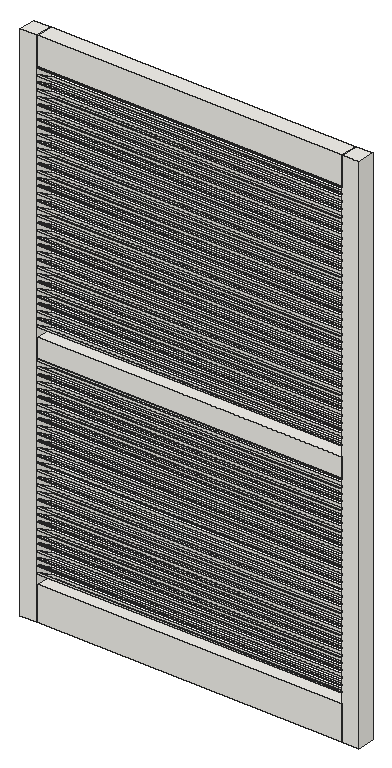
Revit family "Royal Corinthian_EXTERIOR BAHAMA SHUTTERS", category Casework, Revit 2022
Family settings
  OmniClass Number = 23.40.35.00
  OmniClass Title = Casework
  Work Plane-Based = No
  Always vertical = Yes
  Cut with Voids When Loaded = No
  Shared = No
  Room Calculation Point = No
Parameters
  URL = "https://royalcorinthian.com/architectural-exterior-shutters/"
  Type Comments = "SHUTTERS"  # constant formula
  TOP RAIL HEIGHT = 3 1/4"
  SIDE RAIL WIDTH = 2"
  Model = "EXTERIOR BAHAMA SHUTTERS"  # constant formula
  Manufacturer = "Royal Corinthian"  # constant formula
  MATERIAL = PVC - White
  Description = "COMPOSITE EXTERIOR BAHAMA SHUTTERS"
  Depth = 2"
  Height = 62"
  Width = 40"
  Default Elevation = 0"
  CENTER RAIL LOCATION = 29"
  CENTER RAIL HEIGHT = 2 1/4"
  Bracket Height = 11 1/2"
  BOTTOM RAIL HEIGHT = 4"
Reference planes (in)
  plane 1: z = 0
  plane 2 "Center (Left/Right)": x = 1.75986
  plane 3 "Top": z = 62
  plane 4: y = -10.47093
  plane 5: y = -9.47093
  plane 6: y = -11.47093
  plane 7: x = -18.24014
  plane 8: x = 21.75986
  plane 9: x = -16.24014
  plane 10: x = 19.75986
  plane 11: z = 29
  plane 12: z = 4
  plane 13: z = 58.75
  plane 14: z = 27.875
  plane 15: z = 30.125
Dimensions and locks (in)
  "Height": level to plane 3 "Top"
  equal spacing: plane 5, plane 4, plane 6
  "Depth": plane 5 to plane 6
  "Width": plane 7 to plane 8
  equal spacing: plane 7, plane 2 "Center (Left/Right)", plane 8
  "SIDE RAIL WIDTH": plane 7 to plane 9
  "SIDE RAIL WIDTH": plane 10 to plane 8
  "CENTER RAIL LOCATION": plane 11 to plane 1
  locked: plane 12 to plane 1 at 4
  locked: plane 3 "Top" to plane 13 at 3.25
  equal spacing: plane 15, plane 11, plane 14, locked at 1.125 each
  "CENTER RAIL HEIGHT": plane 15 to plane 14
  aligned and locked: level to plane 1
  aligned and locked: plane 7 to nested 1
  aligned and locked: nested 2 to plane 8
  aligned and locked: nested 1 to plane 7
  aligned and locked: plane 4 to nested 3
  aligned and locked: nested 3 to plane 9
  aligned and locked: nested 3 to plane 11
  aligned and locked: nested 4 to plane 3 "Top"
  aligned and locked: nested 5 to plane 1
  aligned and locked: plane 10 to nested 5
  aligned and locked: plane 10 to nested 4
  aligned and locked: plane 10 to nested 3
  aligned and locked: plane 13 to nested 6
  aligned and locked: plane 14 to nested 7
  aligned and locked: nested 7 to plane 12
  aligned and locked: plane 10 to nested 7
  aligned and locked: nested 7 to plane 9
  aligned and locked: nested 6 to plane 15
  aligned and locked: plane 10 to nested 6
  aligned and locked: nested 6 to plane 9
Nested families (in)
  nested 1: "SIDES-HEADS" at (-19, 0.37117, 0), DEPTH <- "Depth", Height <- "Height", WIDTH <- "SIDE RAIL WIDTH", MATERIAL <- "MATERIAL", type "SIDES-HEADS 3"
    with WIDTH 2", MATERIAL PVC - White, Height 62", DEPTH 2"
  nested 2: "SIDES-HEADS" at (19, 0.37117, 0), DEPTH <- "Depth", Height <- "Height", WIDTH <- "SIDE RAIL WIDTH", MATERIAL <- "MATERIAL", type "SIDES-HEADS 3"
    with WIDTH 2", MATERIAL PVC - White, Height 62", DEPTH 2"
  nested 3: "SIDES-HEADS" at (-16.24014, 0.37117, 30.75986) x (0, 0, -1) z (1, 0, 0), DEPTH <- "Depth", WIDTH <- "CENTER RAIL HEIGHT", MATERIAL <- "MATERIAL", type "SIDES-HEADS 3"
    with WIDTH 2 1/4", MATERIAL PVC - White, Height 36", DEPTH 2"
  nested 4: "SIDES-HEADS" at (-16.24014, 0.37117, 62.13486) x (0, 0, -1) z (1, 0, 0), DEPTH <- "Depth", WIDTH <- "TOP RAIL HEIGHT", MATERIAL <- "MATERIAL", type "SIDES-HEADS 3"
    with WIDTH 3 1/4", MATERIAL PVC - White, Height 36", DEPTH 2"
  nested 5: "SIDES-HEADS" at (-16.24014, 0.37117, 3.75986) x (0, 0, -1) z (1, 0, 0), DEPTH <- "Depth", WIDTH <- "BOTTOM RAIL HEIGHT", MATERIAL <- "MATERIAL", type "SIDES-HEADS 3"
    with WIDTH 4", MATERIAL PVC - White, Height 36", DEPTH 2"
  nested 6: "shutter_parametric" at (1.75986, -10.47093, 53.74705), MATERIAL <- "MATERIAL", type "shutter_parametric"
    with w 36", n 36, h 28 5/8", MATERIAL PVC - White
  nested 7: "shutter_parametric" at (1.75986, -10.47093, 25.24705), MATERIAL <- "MATERIAL", type "shutter_parametric"
    with w 36", n 30, h 23 7/8", MATERIAL PVC - White
Definition of nested family "SIDES-HEADS"
  Parameters (values of type "SIDES-HEADS")
    WIDTH [instance] = 13.1305"
    MATERIAL [instance] = none
    Depth = 2"  # constant formula
    Height [instance] = 66.14173"
    Width = 0.07874"
    Default Elevation = 48"
    DEPTH [instance] = 0.57029"
  Types (4): name | WIDTH | Height | Width | DEPTH
    SIDES-HEADS | 13.1305" | 66.14173" | 0.07874" | 0.57029"
    SIDES-HEADS 4 | 12.92126" | 4" | 3.93701" | 7.30373"
    SIDES-HEADS 3 | 12.92126" | 4" | 2.53937" | 7.30373"
    SIDES-HEADS 2 | 12.92126" | 4" | 12.92126" | 7.30373"
  Reference planes (in)
    plane 1: z = 0
    plane 2 "Center (Left/Right)": x = 1.75986
    plane 3: z = 4
    plane 4: y = -10.84209
    plane 5: x = -4.70077
    plane 6: x = 8.22049
    plane 7: y = -14.49396
    plane 8: y = -7.19023
  Forms (in)
    Extrusion 1, solid, material <- "MATERIAL"
      sketch origin (0, 0, 0) x (1, 0, 0) y (0, 1, 0)
        loop
          line (-4.70077, -14.49396) -> (8.22049, -14.49396) -> (8.22049, -7.19023) -> (-4.70077, -7.19023) -> (-4.70077, -14.49396)
      from 0 to 4
  Lines and regions (in)
    model lines, not visible
      curve 1: line (7.18925, 143.95917, 0) -> (7.18925, 143.15137, 0)
      curve 2: line (7.18925, 143.15137, 0) -> (-5.31665, 143.15137, 0)
      curve 3: line (-5.31665, 143.15137, 0) -> (-5.31665, 143.95917, 0)
      curve 4: line (-4.92295, 31.95917, 0) -> (-4.92295, 44.07613, 0)
      curve 5: line (-4.92295, 44.07613, 0) -> (-4.3324, 44.68198, 0)
      curve 6: line (6.89398, 143.15137, 0) -> (6.88503, 143.05512, 0)
      curve 7: line (6.88503, 143.05512, 0) -> (6.86552, 142.96052, 0)
      curve 8: line (6.86552, 142.96052, 0) -> (6.8357, 142.8688, 0)
      curve 9: line (6.8357, 142.8688, 0) -> (6.79596, 142.78112, 0)
      curve 10: line (6.79596, 142.78112, 0) -> (6.7468, 142.69863, 0)
      curve 11: line (6.7468, 142.69863, 0) -> (6.68885, 142.62237, 0)
      curve 12: line (6.68885, 142.62237, 0) -> (6.62287, 142.55333, 0)
      curve 13: line (6.62287, 142.55333, 0) -> (6.54969, 142.49239, 0)
      curve 14: line (6.54969, 142.49239, 0) -> (6.47027, 142.44034, 0)
      curve 15: line (6.47027, 142.44034, 0) -> (6.38561, 142.39784, 0)
      curve 16: line (6.38561, 142.39784, 0) -> (6.29681, 142.36545, 0)
      curve 17: line (6.29681, 142.36545, 0) -> (6.205, 142.34357, 0)
      curve 18: line (6.205, 142.34357, 0) -> (-4.3324, 142.34357, 0)
      curve 19: line (-4.3324, 142.34357, 0) -> (-4.4242, 142.36545, 0)
      curve 20: line (-4.4242, 142.36545, 0) -> (-4.51301, 142.39784, 0)
      curve 21: line (-4.51301, 142.39784, 0) -> (-4.59766, 142.44034, 0)
      curve 22: line (-4.59766, 142.44034, 0) -> (-4.67709, 142.49239, 0)
      curve 23: line (-4.67709, 142.49239, 0) -> (-4.75027, 142.55333, 0)
      curve 24: line (-4.75027, 142.55333, 0) -> (-4.81625, 142.62237, 0)
      curve 25: line (-4.81625, 142.62237, 0) -> (-4.87419, 142.69863, 0)
      curve 26: line (-4.87419, 142.69863, 0) -> (-4.92335, 142.78112, 0)
      curve 27: line (-4.92335, 142.78112, 0) -> (-4.9631, 142.8688, 0)
      curve 28: line (-4.9631, 142.8688, 0) -> (-4.99292, 142.96052, 0)
      curve 29: line (-4.99292, 142.96052, 0) -> (-5.01243, 143.05512, 0)
      curve 30: line (-5.01243, 143.05512, 0) -> (-5.02138, 143.15137, 0)
      curve 31: line (6.79555, 31.95917, 0) -> (6.79555, 44.07613, 0)
      curve 32: line (6.79555, 44.07613, 0) -> (6.205, 44.68198, 0)
      curve 33: line (6.205, 44.68198, 0) -> (-4.3324, 44.68198, 0)
      curve 34: line (-4.3324, 44.68198, 0) -> (-4.45977, 44.69918, 0)
      curve 35: line (-4.45977, 44.69918, 0) -> (-4.57846, 44.74962, 0)
      curve 36: line (-4.57846, 44.74962, 0) -> (-4.68038, 44.82985, 0)
      curve 37: line (-4.68038, 44.82985, 0) -> (-4.75859, 44.93442, 0)
      curve 38: line (-4.75859, 44.93442, 0) -> (-4.80776, 45.05618, 0)
      curve 39: line (-4.80776, 45.05618, 0) -> (-4.82453, 45.18685, 0)
      curve 40: line (-4.82453, 45.18685, 0) -> (-4.80776, 45.31753, 0)
      curve 41: line (-4.80776, 45.31753, 0) -> (-4.75859, 45.43929, 0)
      curve 42: line (-4.75859, 45.43929, 0) -> (-4.68038, 45.54385, 0)
      curve 43: line (-4.68038, 45.54385, 0) -> (-4.57846, 45.62409, 0)
      curve 44: line (-4.57846, 45.62409, 0) -> (-4.45977, 45.67452, 0)
      curve 45: line (-4.45977, 45.67452, 0) -> (-4.3324, 45.69173, 0)
      curve 46: line (-4.3324, 45.69173, 0) -> (6.205, 45.69173, 0)
      curve 47: line (6.205, 45.69173, 0) -> (6.33237, 45.67452, 0)
      curve 48: line (6.33237, 45.67452, 0) -> (6.45107, 45.62409, 0)
      curve 49: line (6.45107, 45.62409, 0) -> (6.55299, 45.54385, 0)
      curve 50: line (6.55299, 45.54385, 0) -> (6.6312, 45.43929, 0)
      curve 51: line (6.6312, 45.43929, 0) -> (6.68036, 45.31753, 0)
      curve 52: line (6.68036, 45.31753, 0) -> (6.69713, 45.18685, 0)
      curve 53: line (6.69713, 45.18685, 0) -> (6.68036, 45.05618, 0)
      curve 54: line (6.68036, 45.05618, 0) -> (6.6312, 44.93442, 0)
      curve 55: line (6.6312, 44.93442, 0) -> (6.55299, 44.82985, 0)
      curve 56: line (6.205, 135.47729, 0) -> (-4.3324, 135.47729, 0)
      curve 57: line (-4.3324, 135.47729, 0) -> (-4.43575, 135.48257, 0)
      curve 58: line (-4.43575, 135.48257, 0) -> (-4.5375, 135.50195, 0)
      curve 59: line (-4.5375, 135.50195, 0) -> (-4.63581, 135.53507, 0)
      curve 60: line (-4.63581, 135.53507, 0) -> (-4.72895, 135.58134, 0)
      curve 61: line (-4.72895, 135.58134, 0) -> (-4.81523, 135.63995, 0)
      curve 62: line (-4.81523, 135.63995, 0) -> (-4.89313, 135.70983, 0)
      curve 63: line (-4.89313, 135.70983, 0) -> (-4.96125, 135.78975, 0)
      curve 64: line (-4.96125, 135.78975, 0) -> (-5.01838, 135.87827, 0)
      curve 65: line (-5.01838, 135.87827, 0) -> (-5.06348, 135.97381, 0)
      curve 66: line (-5.06348, 135.97381, 0) -> (-5.09577, 136.07468, 0)
      curve 67: line (-5.09577, 136.07468, 0) -> (-5.11465, 136.17906, 0)
      curve 68: line (-5.11465, 136.17906, 0) -> (-5.1198, 136.28509, 0)
      curve 69: line (-5.1198, 136.28509, 0) -> (6.9924, 136.28509, 0)
      curve 70: line (6.9924, 136.28509, 0) -> (6.98725, 136.17906, 0)
      curve 71: line (6.98725, 136.17906, 0) -> (6.96837, 136.07468, 0)
      curve 72: line (6.96837, 136.07468, 0) -> (6.93609, 135.97381, 0)
      curve 73: line (6.93609, 135.97381, 0) -> (6.89098, 135.87827, 0)
      curve 74: line (6.89098, 135.87827, 0) -> (6.83386, 135.78975, 0)
      curve 75: line (6.83386, 135.78975, 0) -> (6.76574, 135.70983, 0)
      curve 76: line (6.76574, 135.70983, 0) -> (6.68784, 135.63995, 0)
      curve 77: line (6.68784, 135.63995, 0) -> (6.60155, 135.58134, 0)
      curve 78: line (6.60155, 135.58134, 0) -> (6.50842, 135.53507, 0)
      curve 79: line (6.50842, 135.53507, 0) -> (6.4101, 135.50195, 0)
      curve 80: line (6.4101, 135.50195, 0) -> (6.30836, 135.48257, 0)
      curve 81: line (6.30836, 135.48257, 0) -> (6.205, 135.47729, 0)
      curve 82: line (6.205, 135.47729, 0) -> (6.205, 135.07339, 0)
      curve 83: line (6.205, 135.07339, 0) -> (6.15361, 135.06994, 0)
      curve 84: line (6.15361, 135.06994, 0) -> (6.10311, 135.05963, 0)
      curve 85: line (6.10311, 135.05963, 0) -> (6.05434, 135.04265, 0)
      curve 86: line (6.05434, 135.04265, 0) -> (6.00815, 135.01928, 0)
      curve 87: line (6.00815, 135.01928, 0) -> (5.96533, 134.98993, 0)
      curve 88: line (5.96533, 134.98993, 0) -> (5.92661, 134.95509, 0)
      curve 89: line (5.92661, 134.95509, 0) -> (5.89266, 134.91537, 0)
      curve 90: line (5.89266, 134.91537, 0) -> (5.86405, 134.87144, 0)
      curve 91: line (5.86405, 134.87144, 0) -> (5.84127, 134.82406, 0)
      curve 92: line (5.84127, 134.82406, 0) -> (5.82472, 134.77403, 0)
      curve 93: line (5.82472, 134.77403, 0) -> (5.81467, 134.72221, 0)
      curve 94: line (5.81467, 134.72221, 0) -> (5.8113, 134.66949, 0)
      curve 95: line (5.8113, 134.66949, 0) -> (5.8113, 46.49953, 0)
      curve 96: line (5.8113, 46.49953, 0) -> (5.81467, 46.44681, 0)
      curve 97: line (5.81467, 46.44681, 0) -> (5.82472, 46.39499, 0)
      curve 98: line (5.82472, 46.39499, 0) -> (5.84127, 46.34496, 0)
      curve 99: line (5.84127, 46.34496, 0) -> (5.86405, 46.29758, 0)
      curve 100: line (5.86405, 46.29758, 0) -> (5.89266, 46.25365, 0)
      curve 101: line (5.89266, 46.25365, 0) -> (5.92661, 46.21393, 0)
      curve 102: line (5.92661, 46.21393, 0) -> (5.96533, 46.17909, 0)
      curve 103: line (5.96533, 46.17909, 0) -> (6.00815, 46.14974, 0)
      curve 104: line (6.00815, 46.14974, 0) -> (6.05434, 46.12637, 0)
      curve 105: line (6.05434, 46.12637, 0) -> (6.10311, 46.10939, 0)
      curve 106: line (6.10311, 46.10939, 0) -> (6.15361, 46.09908, 0)
      curve 107: line (6.15361, 46.09908, 0) -> (6.205, 46.09563, 0)
      curve 108: line (6.205, 46.09563, 0) -> (-4.3324, 46.09563, 0)
      curve 109: line (-4.3324, 46.09563, 0) -> (-4.3324, 45.69173, 0)
      curve 110: line (6.55299, 44.82985, 0) -> (6.45107, 44.74962, 0)
      curve 111: line (6.45107, 44.74962, 0) -> (6.33237, 44.69918, 0)
      curve 112: line (6.33237, 44.69918, 0) -> (6.205, 44.68198, 0)
      curve 113: line (6.205, 135.07339, 0) -> (-4.3324, 135.07339, 0)
      curve 114: line (-4.3324, 135.07339, 0) -> (-4.3324, 135.47729, 0)
      curve 115: line (6.205, 142.34357, 0) -> (6.205, 141.93967, 0)
      curve 116: line (6.205, 141.93967, 0) -> (-4.3324, 141.93967, 0)
      curve 117: line (-4.3324, 141.93967, 0) -> (-4.3324, 142.34357, 0)
      curve 118: line (-4.3324, 46.09563, 0) -> (-4.28101, 46.09908, 0)
      curve 119: line (-4.28101, 46.09908, 0) -> (-4.2305, 46.10939, 0)
      curve 120: line (-4.2305, 46.10939, 0) -> (-4.18174, 46.12637, 0)
      curve 121: line (-4.18174, 46.12637, 0) -> (-4.13555, 46.14974, 0)
      curve 122: line (-4.13555, 46.14974, 0) -> (-4.09273, 46.17909, 0)
      curve 123: line (-4.09273, 46.17909, 0) -> (-4.05401, 46.21393, 0)
      curve 124: line (-4.05401, 46.21393, 0) -> (-4.02006, 46.25365, 0)
      curve 125: line (-4.02006, 46.25365, 0) -> (-3.99144, 46.29758, 0)
      curve 126: line (-3.99144, 46.29758, 0) -> (-3.96867, 46.34496, 0)
      curve 127: line (-3.96867, 46.34496, 0) -> (-3.95211, 46.39499, 0)
      curve 128: line (-3.95211, 46.39499, 0) -> (-3.94207, 46.44681, 0)
      curve 129: line (6.205, 45.69173, 0) -> (6.205, 46.09563, 0)
      curve 130: line (-3.94207, 46.44681, 0) -> (-3.9387, 46.49953, 0)
      curve 131: line (-3.9387, 46.49953, 0) -> (-3.9387, 134.66949, 0)
      curve 132: line (-3.9387, 134.66949, 0) -> (-3.94207, 134.72221, 0)
      curve 133: line (-3.94207, 134.72221, 0) -> (-3.95211, 134.77403, 0)
      curve 134: line (-3.95211, 134.77403, 0) -> (-3.96867, 134.82406, 0)
      curve 135: line (-3.96867, 134.82406, 0) -> (-3.99144, 134.87144, 0)
      curve 136: line (-3.99144, 134.87144, 0) -> (-4.02006, 134.91537, 0)
      curve 137: line (-4.02006, 134.91537, 0) -> (-4.05401, 134.95509, 0)
      curve 138: line (-4.05401, 134.95509, 0) -> (-4.09273, 134.98993, 0)
      curve 139: line (-4.09273, 134.98993, 0) -> (-4.13555, 135.01928, 0)
      curve 140: line (-4.13555, 135.01928, 0) -> (-4.18174, 135.04265, 0)
      curve 141: line (-4.18174, 135.04265, 0) -> (-4.2305, 135.05963, 0)
      curve 142: line (-4.2305, 135.05963, 0) -> (-4.28101, 135.06994, 0)
      curve 143: line (-4.28101, 135.06994, 0) -> (-4.3324, 135.07339, 0)
      curve 144: line (6.205, 141.93967, 0) -> (6.15361, 141.93622, 0)
      curve 145: line (6.15361, 141.93622, 0) -> (6.10311, 141.92591, 0)
      curve 146: line (6.10311, 141.92591, 0) -> (6.05434, 141.90893, 0)
      curve 147: line (6.05434, 141.90893, 0) -> (6.00815, 141.88556, 0)
      curve 148: line (6.00815, 141.88556, 0) -> (5.96533, 141.85621, 0)
      curve 149: line (-3.9387, 136.28509, 0) -> (-3.9387, 141.53577, 0)
      curve 150: line (-3.9387, 141.53577, 0) -> (-3.94207, 141.58849, 0)
      curve 151: line (-3.94207, 141.58849, 0) -> (-3.95211, 141.64031, 0)
      curve 152: line (-3.95211, 141.64031, 0) -> (-3.96867, 141.69034, 0)
      curve 153: line (-3.96867, 141.69034, 0) -> (-3.99144, 141.73772, 0)
      curve 154: line (-3.99144, 141.73772, 0) -> (-4.02006, 141.78165, 0)
      curve 155: line (-4.02006, 141.78165, 0) -> (-4.05401, 141.82137, 0)
      curve 156: line (-4.05401, 141.82137, 0) -> (-4.09273, 141.85621, 0)
      curve 157: line (-4.09273, 141.85621, 0) -> (-4.13555, 141.88556, 0)
      curve 158: line (-4.13555, 141.88556, 0) -> (-4.18174, 141.90893, 0)
      curve 159: line (-4.18174, 141.90893, 0) -> (-4.2305, 141.92591, 0)
      curve 160: line (-4.2305, 141.92591, 0) -> (-4.28101, 141.93622, 0)
      curve 161: line (-4.28101, 141.93622, 0) -> (-4.3324, 141.93967, 0)
      curve 162: line (5.8113, 136.28509, 0) -> (5.8113, 141.53577, 0)
      curve 163: line (5.8113, 141.53577, 0) -> (5.81467, 141.58849, 0)
      curve 164: line (5.81467, 141.58849, 0) -> (5.82472, 141.64031, 0)
      curve 165: line (5.82472, 141.64031, 0) -> (5.84127, 141.69034, 0)
      curve 166: line (5.84127, 141.69034, 0) -> (5.86405, 141.73772, 0)
      curve 167: line (5.86405, 141.73772, 0) -> (5.89266, 141.78165, 0)
      curve 168: line (5.89266, 141.78165, 0) -> (5.92661, 141.82137, 0)
      curve 169: line (5.92661, 141.82137, 0) -> (5.96533, 141.85621, 0)
      curve 170: line (-5.31665, 143.95917, 0) -> (7.18925, 143.95917, 0)
      curve 171: line (-4.92295, 31.95917, 0) -> (6.79555, 31.95917, 0)
  Dimensions and locks (in)
    "Height": plane 3 to plane 1
    "DEPTH": plane 7 to plane 8
    "WIDTH": plane 5 to plane 6
    equal spacing: plane 5, plane 2 "Center (Left/Right)", plane 6
    equal spacing: plane 7, plane 4, plane 8
    aligned and locked: level to plane 1
    aligned and locked: Extrusion 1 to plane 7
    aligned and locked: plane 8 to Extrusion 1
    aligned and locked: Extrusion 1 sketch curve to plane 5
    aligned and locked: plane 7 to Extrusion 1 sketch curve
    aligned and locked: plane 6 to Extrusion 1 sketch curve
    aligned and locked: plane 8 to Extrusion 1 sketch curve
    aligned and locked: plane 3 to Extrusion 1
Definition of nested family "shutter_parametric"
  Parameters (values of type "shutter_parametric (1)")
    w [instance] = 36"
    n [instance] = h / 0.7874"  # 36
    h [instance] = 28 5/8"
    MATERIAL [instance] = none
    Default Elevation = 0"
  Types (3): name
    shutter_parametric (1)
    shutter_parametric (1) 2
    shutter_parametric (1) 3
  Reference planes (in)
    plane 1 "Center (Front/Back)": y = 0
    plane 2: z = -9.30955
    plane 3 "Center (Left/Right)": x = 0
    plane 4: x = -18
    plane 5: x = 18
    plane 6: z = 5.00295
    plane 7: z = -23.62205
  Dimensions and locks (in)
    equal spacing: plane 4, plane 3 "Center (Left/Right)", plane 5
    "w": plane 4 to plane 5
    equal spacing: plane 6, plane 2, plane 7
    equal spacing: group 2, group 36, group 35, group 34, group 33, group 32, group 31, group 30, group 29, group 28, group 27, group 26, group 25, group 24, group 23, group 22, group 21, group 20, group 19, group 18, group 17, group 16, group 15, group 14, group 13, group 12, group 11, group 10, group 9, group 8, group 7, group 6, group 5, group 4, group 3, group 1
    equal spacing: group 1, group 3, group 4, group 5, group 6, group 7, group 8, group 9, group 10, group 11, group 12, group 13, group 14, group 15, group 16, group 17, group 18, group 19, group 20, group 21, group 22, group 23, group 24, group 25, group 26, group 27, group 28, group 29, group 30, group 31, group 32, group 33, group 34, group 35, group 36, group 2  (x2)
    "h": plane 6 to plane 7
    aligned and locked: plane 4 to nested 1
    aligned and locked: nested 1 to plane 5
    aligned and locked: plane 7 to nested 1
    aligned and locked: nested 2 to plane 6
  Nested families (in)
    nested 1: "shutters" at (0, 0, -22.96763), w <- "w", MATERIAL <- "MATERIAL", type "shutters"
      with w 36", MATERIAL none
    nested 2: "shutters" at (0, 0, 4.31004), w <- "w", MATERIAL <- "MATERIAL", type "shutters"
      with w 36", MATERIAL none
    nested 3: "shutters" at (0, 0, -22.18827), w <- "w", MATERIAL <- "MATERIAL", type "shutters"
      with w 36", MATERIAL none
    nested 4: "shutters" at (0, 0, -21.40891), w <- "w", MATERIAL <- "MATERIAL", type "shutters"
      with w 36", MATERIAL none
    nested 5: "shutters" at (0, 0, -20.62955), w <- "w", MATERIAL <- "MATERIAL", type "shutters"
      with w 36", MATERIAL none
    nested 6: "shutters" at (0, 0, -19.85018), w <- "w", MATERIAL <- "MATERIAL", type "shutters"
      with w 36", MATERIAL none
    nested 7: "shutters" at (0, 0, -19.07082), w <- "w", MATERIAL <- "MATERIAL", type "shutters"
      with w 36", MATERIAL none
    nested 8: "shutters" at (0, 0, -18.29146), w <- "w", MATERIAL <- "MATERIAL", type "shutters"
      with w 36", MATERIAL none
    nested 9: "shutters" at (0, 0, -17.5121), w <- "w", MATERIAL <- "MATERIAL", type "shutters"
      with w 36", MATERIAL none
    nested 10: "shutters" at (0, 0, -16.73274), w <- "w", MATERIAL <- "MATERIAL", type "shutters"
      with w 36", MATERIAL none
    nested 11: "shutters" at (0, 0, -15.95337), w <- "w", MATERIAL <- "MATERIAL", type "shutters"
      with w 36", MATERIAL none
    nested 12: "shutters" at (0, 0, -15.17401), w <- "w", MATERIAL <- "MATERIAL", type "shutters"
      with w 36", MATERIAL none
    nested 13: "shutters" at (0, 0, -14.39465), w <- "w", MATERIAL <- "MATERIAL", type "shutters"
      with w 36", MATERIAL none
    nested 14: "shutters" at (0, 0, -13.61529), w <- "w", MATERIAL <- "MATERIAL", type "shutters"
      with w 36", MATERIAL none
    nested 15: "shutters" at (0, 0, -12.83593), w <- "w", MATERIAL <- "MATERIAL", type "shutters"
      with w 36", MATERIAL none
    nested 16: "shutters" at (0, 0, -12.05656), w <- "w", MATERIAL <- "MATERIAL", type "shutters"
      with w 36", MATERIAL none
    nested 17: "shutters" at (0, 0, -11.2772), w <- "w", MATERIAL <- "MATERIAL", type "shutters"
      with w 36", MATERIAL none
    nested 18: "shutters" at (0, 0, -10.49784), w <- "w", MATERIAL <- "MATERIAL", type "shutters"
      with w 36", MATERIAL none
    nested 19: "shutters" at (0, 0, -9.71848), w <- "w", MATERIAL <- "MATERIAL", type "shutters"
      with w 36", MATERIAL none
    nested 20: "shutters" at (0, 0, -8.93912), w <- "w", MATERIAL <- "MATERIAL", type "shutters"
      with w 36", MATERIAL none
    nested 21: "shutters" at (0, 0, -8.15975), w <- "w", MATERIAL <- "MATERIAL", type "shutters"
      with w 36", MATERIAL none
    nested 22: "shutters" at (0, 0, -7.38039), w <- "w", MATERIAL <- "MATERIAL", type "shutters"
      with w 36", MATERIAL none
    nested 23: "shutters" at (0, 0, -6.60103), w <- "w", MATERIAL <- "MATERIAL", type "shutters"
      with w 36", MATERIAL none
    nested 24: "shutters" at (0, 0, -5.82167), w <- "w", MATERIAL <- "MATERIAL", type "shutters"
      with w 36", MATERIAL none
    nested 25: "shutters" at (0, 0, -5.0423), w <- "w", MATERIAL <- "MATERIAL", type "shutters"
      with w 36", MATERIAL none
    nested 26: "shutters" at (0, 0, -4.26294), w <- "w", MATERIAL <- "MATERIAL", type "shutters"
      with w 36", MATERIAL none
    nested 27: "shutters" at (0, 0, -3.48358), w <- "w", MATERIAL <- "MATERIAL", type "shutters"
      with w 36", MATERIAL none
    nested 28: "shutters" at (0, 0, -2.70422), w <- "w", MATERIAL <- "MATERIAL", type "shutters"
      with w 36", MATERIAL none
    nested 29: "shutters" at (0, 0, -1.92486), w <- "w", MATERIAL <- "MATERIAL", type "shutters"
      with w 36", MATERIAL none
    nested 30: "shutters" at (0, 0, -1.14549), w <- "w", MATERIAL <- "MATERIAL", type "shutters"
      with w 36", MATERIAL none
    nested 31: "shutters" at (0, 0, -0.36613), w <- "w", MATERIAL <- "MATERIAL", type "shutters"
      with w 36", MATERIAL none
    nested 32: "shutters" at (0, 0, 0.41323), w <- "w", MATERIAL <- "MATERIAL", type "shutters"
      with w 36", MATERIAL none
    nested 33: "shutters" at (0, 0, 1.19259), w <- "w", MATERIAL <- "MATERIAL", type "shutters"
      with w 36", MATERIAL none
    nested 34: "shutters" at (0, 0, 1.97195), w <- "w", MATERIAL <- "MATERIAL", type "shutters"
      with w 36", MATERIAL none
    nested 35: "shutters" at (0, 0, 2.75132), w <- "w", MATERIAL <- "MATERIAL", type "shutters"
      with w 36", MATERIAL none
    nested 36: "shutters" at (0, 0, 3.53068), w <- "w", MATERIAL <- "MATERIAL", type "shutters"
      with w 36", MATERIAL none
  Definition of nested family "shutters"
    Parameters (values of type "shutters")
      w [instance] = 16.45193"
      MATERIAL [instance] = none
      Default Elevation = 0"
    Reference planes (in)
      plane 1 "Center (Front/Back)": y = 0
      plane 2: z = 0
      plane 3 "Center (Left/Right)": x = 0
      plane 4: x = -8.22597
      plane 5: x = 8.22597
      plane 6: z = -0.57568
      plane 7: z = 0.61417
      plane 8: z = 0.69291
      plane 9: z = -0.65442
    Forms (in)
      Extrusion 1, solid, material <- "MATERIAL"
        sketch origin (0, 0, 0.11417) x (0, 1, 0) y (0, 0, 1)
          loop
            line (1, -0.57735) -> (-0.86603, 0.5) -> (-1, 0.5) -> (-1, 0.35005) -> (0.80115, -0.68985) -> (1, -0.68985) -> (1, -0.57735)
        from -8.22597 to 8.22597
    Dimensions and locks (in)
      equal spacing: plane 5, plane 3 "Center (Left/Right)", plane 4
      "w": plane 5 to plane 4
      aligned and locked: level to plane 2
      aligned and locked: Extrusion 1 to plane 4
      aligned and locked: plane 5 to Extrusion 1
    Automatic sketch dimensions
      level to Extrusion 1 sketch curve = 0.46422"
      plane 1 "Center (Front/Back)" to Extrusion 1 sketch curve = 1"
      Extrusion 1 sketch curve to Extrusion 1 sketch curve = 0.13397"
      Extrusion 1 sketch curve to plane 1 "Center (Front/Back)" = 0.80115"
      Extrusion 1 sketch curve to Extrusion 1 sketch curve = 0.19885"
      Extrusion 1 sketch curve to level = 0.46318"
      Extrusion 1 sketch curve to Extrusion 1 sketch curve = 0.1125"
      Extrusion 1 sketch curve to Extrusion 1 sketch curve = 0.14995"
